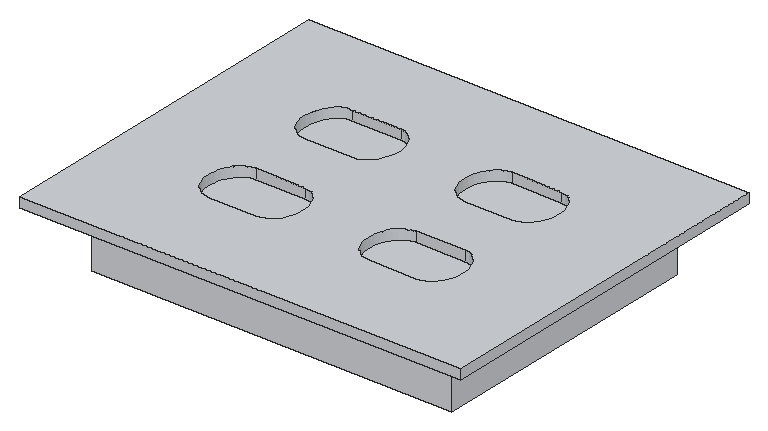
Revit family "Receptacle", category Electrical Fixtures, host Face, Revit 2025
Family settings
  Host = Face
  Round Connector Dimension = Use Diameter
  Part Type = Junction Box
  Cut with Voids When Loaded = No
  Maintain Annotation Orientation = Yes
  Shared = No
  Room Calculation Point = No
Parameters (values of type "Two Duplex")
  x = 0.74588"
  Width = 5 1/2"
  Wall Mounted = not(Face Mounted)  # no
  Height = 4 1/2"
  Face Mounted = yes
  er = 0.27848"
  Depth = 1/8"
  Cut Distance = 1"
  Count = 2
  Back Depth = 3/4"
  Default Elevation = 48"
  Back Width = Width - Back Margin  # 4 1/2"
  Back Margin = 1"
  Back Height = Height - Back Margin  # 3 1/2"
Types (2): name | Width | Cut Distance | Count | Back Width
  Duplex | 2 3/4" | 0" | 1 | 1 3/4"
  Two Duplex | 5 1/2" | 1" | 2 | 4 1/2"
Reference planes (in)
  plane 1 "Center (Front/Back)": y = 0
  plane 2: z = 0
  plane 3 "Center (Left/Right)": x = 0
  plane 4: z = 0.125
  plane 5: z = -0.75
  plane 6: y = 0.75
  plane 7: x = -1.30682
  plane 8: x = -0.69318
  plane 9: y = -0.75
  plane 10: x = -1
  plane 11: y = 0.75
  plane 12: x = 0.69318
  plane 13: x = 1.30682
  plane 14: y = -0.75
  plane 15: x = 1
Forms (in)
  Extrusion 1, solid
    sketch origin (0, 0, 0) x (1, 0, 0) y (0, 1, 0)
      loop
        line (-2.75, 2.25) -> (-2.75, -2.25) -> (2.75, -2.25) -> (2.75, 2.25) -> (-2.75, 2.25)
    from 0 to 0.125
  Extrusion 2, solid
    sketch origin (0, 0, 0) x (1, 0, 0) y (0, 1, 0)
      loop
        line (-2.25, 1.75) -> (-2.25, -1.75) -> (2.25, -1.75) -> (2.25, 1.75) -> (-2.25, 1.75)
    from 0 to -0.75
  Extrusion 3, void
    sketch origin (-1, 0, 0) x (1, 0, 0) y (0, 1, 0)
      loop
        spline (-0.30682, 1.12294) -> (-0.3789, 1.11023) -> (-0.44606, 1.07298) -> (-0.50374, 1.01371) -> (-0.54799, 0.93647) -> (-0.57581, 0.84652) -> (-0.5853, 0.75) -> (-0.57581, 0.65348) -> (-0.54799, 0.56353) -> (-0.50374, 0.48629) -> (-0.44606, 0.42702) -> (-0.3789, 0.38977) -> (-0.30682, 0.37706)
        line (-0.30682, 0.37706) -> (0.30682, 0.37706)
        spline (0.30682, 0.37706) -> (0.3789, 0.38977) -> (0.44606, 0.42702) -> (0.50374, 0.48629) -> (0.54799, 0.56353) -> (0.57581, 0.65348) -> (0.5853, 0.75) -> (0.57581, 0.84652) -> (0.54799, 0.93647) -> (0.50374, 1.01371) -> (0.44606, 1.07298) -> (0.3789, 1.11023) -> (0.30682, 1.12294)
        line (0.30682, 1.12294) -> (-0.30682, 1.12294)
      loop
        spline (-0.30682, -0.37706) -> (-0.3789, -0.38977) -> (-0.44606, -0.42702) -> (-0.50374, -0.48629) -> (-0.54799, -0.56353) -> (-0.57581, -0.65348) -> (-0.5853, -0.75) -> (-0.57581, -0.84652) -> (-0.54799, -0.93647) -> (-0.50374, -1.01371) -> (-0.44606, -1.07298) -> (-0.3789, -1.11023) -> (-0.30682, -1.12294)
        line (-0.30682, -1.12294) -> (0.30682, -1.12294)
        spline (0.30682, -1.12294) -> (0.3789, -1.11023) -> (0.44606, -1.07298) -> (0.50374, -1.01371) -> (0.54799, -0.93647) -> (0.57581, -0.84652) -> (0.5853, -0.75) -> (0.57581, -0.65348) -> (0.54799, -0.56353) -> (0.50374, -0.48629) -> (0.44606, -0.42702) -> (0.3789, -0.38977) -> (0.30682, -0.37706)
        line (0.30682, -0.37706) -> (-0.30682, -0.37706)
    from 0.125 to 0
  Extrusion 4, void
    sketch origin (1, 0, 0) x (1, 0, 0) y (0, 1, 0)
      loop
        spline (-0.30682, 1.12294) -> (-0.3789, 1.11023) -> (-0.44606, 1.07298) -> (-0.50374, 1.01371) -> (-0.54799, 0.93647) -> (-0.57581, 0.84652) -> (-0.5853, 0.75) -> (-0.57581, 0.65348) -> (-0.54799, 0.56353) -> (-0.50374, 0.48629) -> (-0.44606, 0.42702) -> (-0.3789, 0.38977) -> (-0.30682, 0.37706)
        line (-0.30682, 0.37706) -> (0.30682, 0.37706)
        spline (0.30682, 0.37706) -> (0.3789, 0.38977) -> (0.44606, 0.42702) -> (0.50374, 0.48629) -> (0.54799, 0.56353) -> (0.57581, 0.65348) -> (0.5853, 0.75) -> (0.57581, 0.84652) -> (0.54799, 0.93647) -> (0.50374, 1.01371) -> (0.44606, 1.07298) -> (0.3789, 1.11023) -> (0.30682, 1.12294)
        line (0.30682, 1.12294) -> (-0.30682, 1.12294)
      loop
        spline (-0.30682, -0.37706) -> (-0.3789, -0.38977) -> (-0.44606, -0.42702) -> (-0.50374, -0.48629) -> (-0.54799, -0.56353) -> (-0.57581, -0.65348) -> (-0.5853, -0.75) -> (-0.57581, -0.84652) -> (-0.54799, -0.93647) -> (-0.50374, -1.01371) -> (-0.44606, -1.07298) -> (-0.3789, -1.11023) -> (-0.30682, -1.12294)
        line (-0.30682, -1.12294) -> (0.30682, -1.12294)
        spline (0.30682, -1.12294) -> (0.3789, -1.11023) -> (0.44606, -1.07298) -> (0.50374, -1.01371) -> (0.54799, -0.93647) -> (0.57581, -0.84652) -> (0.5853, -0.75) -> (0.57581, -0.65348) -> (0.54799, -0.56353) -> (0.50374, -0.48629) -> (0.44606, -0.42702) -> (0.3789, -0.38977) -> (0.30682, -0.37706)
        line (0.30682, -0.37706) -> (-0.30682, -0.37706)
    from 0.125 to 0
Cuts and joins
  Extrusion 3, Extrusion 4 cuts Extrusion 1
  Extrusion 3, Extrusion 4 cuts Extrusion 2
Dimensions and locks (in)
  equal spacing: Extrusion 1 sketch curve, plane 3 "Center (Left/Right)", Extrusion 1 sketch curve
  "Width": Extrusion 1 sketch curve to Extrusion 1 sketch curve
  "Height": Extrusion 1 sketch curve to Extrusion 1 sketch curve
  equal spacing: Extrusion 1 sketch curve, plane 1 "Center (Front/Back)", Extrusion 1 sketch curve
  "Depth": plane 4 to plane 2
  "Back Depth": plane 2 to plane 5
  plane 6 to plane 1 "Center (Front/Back)" = 3/4"
  equal spacing: Extrusion 3 sketch curve, plane 6, Extrusion 3 sketch curve
  "x": Extrusion 3 sketch curve to Extrusion 3 sketch curve  (x2)
  equal spacing: Extrusion 3 sketch curve, plane 9, Extrusion 3 sketch curve
  "er": Extrusion 3 sketch curve to Extrusion 3 sketch curve  (x4)
  equal spacing: Extrusion 2 sketch curve, plane 3 "Center (Left/Right)", Extrusion 2 sketch curve
  equal spacing: Extrusion 2 sketch curve, plane 1 "Center (Front/Back)", Extrusion 2 sketch curve
  "Back Height": Extrusion 2 sketch curve to Extrusion 2 sketch curve
  "Back Width": Extrusion 2 sketch curve to Extrusion 2 sketch curve
  equal spacing: Extrusion 4 sketch curve, plane 11, Extrusion 4 sketch curve
  "x": Extrusion 4 sketch curve to Extrusion 4 sketch curve  (x2)
  equal spacing: Extrusion 4 sketch curve, plane 14, Extrusion 4 sketch curve
  "er": Extrusion 4 sketch curve to Extrusion 4 sketch curve  (x4)
  group 1 to group 2 = 2"
  group 1 to group 2 = 0"  (x2)
  "Cut Distance": plane 10 to plane 3 "Center (Left/Right)"
  "Cut Distance": plane 3 "Center (Left/Right)" to plane 15
  aligned and locked: plane 2 to host face
  aligned and locked: level to host face
  aligned and locked: plane 4 to Extrusion 1
  aligned and locked: Extrusion 2 to plane 5
  aligned and locked: plane 7 to Extrusion 3 sketch curve  (x4)
  aligned and locked: plane 8 to Extrusion 3 sketch curve  (x3)
  aligned and locked: Extrusion 1 to Extrusion 3
  aligned and locked: Extrusion 3 to level
  aligned and locked: plane 12 to Extrusion 4 sketch curve  (x4)
  aligned and locked: plane 13 to Extrusion 4 sketch curve  (x3)
Automatic sketch dimensions
  host sketch curve to host sketch curve = 96"  (x2)
Nested families (in)
  nested 1: "Wall Mounted" at (0, 0, 0), visible <- "Face Mounted", type "Standard"
Connectors (in)
  electrical at (0, 0, 0.125)
    settings: on Extrusion 1, index 1, voltage 0 V, apparent load 0 VA, apparent load phase1 0 VA, apparent load phase2 0 VA, apparent load phase3 0 VA, power factor 1, load classification "Other", number of poles 1, system type 31, power factor state 1, is connector primary yes, connector utility no, sub classification motor no, connector description ""
Definition of nested family "Wall Mounted"
  Parameters (values of type "Standard")
    Diameter = 59/256"
    Center Height = Diameter * 1.5 * 0.6  # 0.20742"
  Reference planes (in)
    plane 1: y = 0
    plane 2: x = 0
  Lines and regions (in)
    detail lines
      curve 1: line (-0.03552, 0.30625, 0) -> (-0.03552, 0, 0)
      curve 2: line (0.03552, 0.30625, 0) -> (0.03552, 0, 0)
      curve 5: circle (0, 0.19662, 0) r 0.11523 normal (0, 0, 1)
    reference lines
      curve 3: line (-0.21695, 0, 0) -> (0.28305, 0, 0)
      curve 4: line (-0.125, 0.20742, 0) -> (0.46654, 0.20742, 0)
  Dimensions and locks (in)
    curve 1 to curve 2 = 0.07104"
    "Center Height": plane 1 to curve 4
    equal spacing: curve 1, plane 2, curve 2
    aligned and locked: curve 3 to curve 2
    aligned and locked: curve 3 to curve 1
  Automatic sketch dimensions
    curve 5 to plane 2 = 0"
    curve 5 to plane 1 = 0.19662"
    curve 1 to plane 2 = 0.03552"
    curve 5 to curve 2 = 0.10962"
    plane 1 to curve 3 = 0"
    curve 3 to plane 2 = 0.21695"
    curve 4 to plane 2 = 1/8"
    plane 2 to curve 3 = 0.28305"
    curve 3 to curve 4 = 0.18349"
